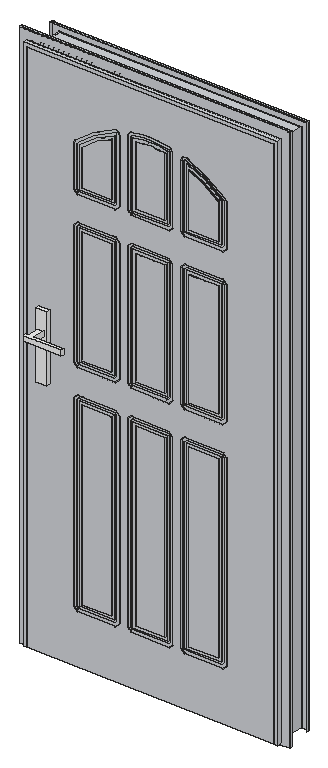
Revit family "GRANIT_3", category Drzwi, Revit 2016
Family settings
  Obiekt nadrzędny = Ściana
  Zawsze pionowo = Tak
  Tnij formami wycięć po wczytaniu = Nie
  Współdzielony = Nie
  Punkt obliczania pomieszczeń = Nie
Parameters (values of type "PN 90")
  URL = "www.porta.com.pl"
  SB = 964 mm
  Producent = "PORTA KMI POLAND"  # constant formula
  Keynote = ""
  Opis = "Własność Porta KMI Poland, wszelkie prawa zastrzeżone."  # constant formula
  Odwzorowanie ramy - zewnętrzne = 25 mm
  Odwzorowanie ramy - wewnętrzne = 25 mm
  Szerokość ramy = 75 mm
  Wysokość = 2056 mm
  Zakończenie ściany = Wg obiektu nadrzędnego
  Szerokość = 984 mm
  Materiał skrzydła [instance] = none
  Materiał ościeżnicy [instance] = none
  Materiał klamki [instance] = none
  Konstrukcja analityczna = "<Brak>"
  Informacja = ""
  Funkcja = Wewnętrzna
Types (8, lengths in mm): name | URL | SB | Wysokość | Szerokość | Informacja
  PN 80 | "www.porta.com.pl , www.portadoors.com , www.portacad.eu" | 856 | 2056 | 876 | ""
  PN 90 | "www.porta.com.pl" | 964 | 2056 | 984 | ""
  PN 100 | "www.porta.com.pl , www.portadoors.com , www.portacad.eu" | 1056 | 2056 | 1076 | "Biblioteki CAD produktów firmy PORTA KMI POLAND S.A. wraz z ich wizualizacjami są chronione prawami własności przemysłowej i intelektualnej. Można je wykorzystywać do handlowych celów osobistych poprzez zastosowanie w projektach, jednak nie wolno ich powielać, modyfikować, licencjonować ani publikować, w całości ani w części, chyba że celem przeglądania, bez uprzedniej pisemnej zgody PORTA KMI Poland sp.z.o.o. www.porta.com.pl "
  C'eska' a Slovenska' 80 | "www.porta.com.pl , www.portadoors.com , www.portacad.eu" | 860 | 2005 | 880 | "Biblioteki CAD produktów firmy PORTA KMI POLAND S.A. wraz z ich wizualizacjami są chronione prawami własności przemysłowej i intelektualnej. Można je wykorzystywać do handlowych celów osobistych poprzez zastosowanie w projektach, jednak nie wolno ich powielać, modyfikować, licencjonować ani publikować, w całości ani w części, chyba że celem przeglądania, bez uprzedniej pisemnej zgody PORTA KMI Poland sp.z.o.o. www.porta.com.pl "
  C'eska' a Slovenska' 90 | "www.porta.com.pl , www.portadoors.com , www.portacad.eu" | 960 | 2005 | 980 | "Biblioteki CAD produktów firmy PORTA KMI POLAND S.A. wraz z ich wizualizacjami są chronione prawami własności przemysłowej i intelektualnej. Można je wykorzystywać do handlowych celów osobistych poprzez zastosowanie w projektach, jednak nie wolno ich powielać, modyfikować, licencjonować ani publikować, w całości ani w części, chyba że celem przeglądania, bez uprzedniej pisemnej zgody PORTA KMI Poland sp.z.o.o. www.porta.com.pl "
  C'eska' a Slovenska' 100 | "www.porta.com.pl , www.portadoors.com , www.portacad.eu" | 1060 | 2005 | 1080 | "Biblioteki CAD produktów firmy PORTA KMI POLAND S.A. wraz z ich wizualizacjami są chronione prawami własności przemysłowej i intelektualnej. Można je wykorzystywać do handlowych celów osobistych poprzez zastosowanie w projektach, jednak nie wolno ich powielać, modyfikować, licencjonować ani publikować, w całości ani w części, chyba że celem przeglądania, bez uprzedniej pisemnej zgody PORTA KMI Poland sp.z.o.o. www.porta.com.pl "
  DIN 80 | "www.porta.com.pl , www.portadoors.com , www.portacad.eu" | 865 | 2005 | 885 | "Biblioteki CAD produktów firmy PORTA KMI POLAND S.A. wraz z ich wizualizacjami są chronione prawami własności przemysłowej i intelektualnej. Można je wykorzystywać do handlowych celów osobistych poprzez zastosowanie w projektach, jednak nie wolno ich powielać, modyfikować, licencjonować ani publikować, w całości ani w części, chyba że celem przeglądania, bez uprzedniej pisemnej zgody PORTA KMI Poland sp.z.o.o. www.porta.com.pl "
  DIN 90 | "www.porta.com.pl , www.portadoors.com , www.portacad.eu" | 990 | 2005 | 1010 | "Biblioteki CAD produktów firmy PORTA KMI POLAND S.A. wraz z ich wizualizacjami są chronione prawami własności przemysłowej i intelektualnej. Można je wykorzystywać do handlowych celów osobistych poprzez zastosowanie w projektach, jednak nie wolno ich powielać, modyfikować, licencjonować ani publikować, w całości ani w części, chyba że celem przeglądania, bez uprzedniej pisemnej zgody PORTA KMI Poland sp.z.o.o. www.porta.com.pl "
Reference planes
  plane 1: y = 0
  plane 2 "Środek (Lewa/Prawa)": x = 0
  plane 3 "Lewy": x = -492
  plane 4 "Prawy": x = 492
  plane 5: z = 2056
  plane 6 "Zewnętrzna": y = 75
  plane 7 "Wewnętrzna": y = -75
  plane 8: z = 184.239
  plane 9: y = -81.983
Forms (mm)
  Sweep 1, solid, material <- "Materiał ościeżnicy"
    path in 3D
      loop
        line (-492, -75, 0) -> (-492, -75, 2056) -> (492, -75, 2056) -> (492, -75, 0)
    profile origin (-492, -75, 1028) x (0, -1, 0) y (1, 0, 0)
      loop
        line (8.8, 22.5) -> (8.8, -12.5)
        arc (8.8, -12.5) -> (8.419, -13.419) -> (7.5, -13.8) r 1.3
        line (7.5, -13.8) -> (0, -13.8) -> (0, -15) -> (7.5, -15)
        arc (7.5, -15) -> (9.268, -14.268) -> (10, -12.5) r 2.5
        line (10, -12.5) -> (10, 22.5)
        arc (10, 22.5) -> (9.268, 24.268) -> (7.5, 25) r 2.5
        line (7.5, 25) -> (-33.505, 25)
        arc (-33.505, 25) -> (-34.212, 25.293) -> (-34.505, 26) r 1
        line (-34.505, 26) -> (-34.505, 34.5)
        arc (-34.505, 34.5) -> (-34.212, 35.207) -> (-33.505, 35.5) r 1
        line (-33.505, 35.5) -> (-26.255, 35.5)
        arc (-26.255, 35.5) -> (-24.005, 37.75) -> (-26.255, 40) r 2.25
        line (-26.255, 40) -> (-107.5, 40)
        arc (-107.5, 40) -> (-109.268, 39.268) -> (-110, 37.5) r 2.5
        line (-110, 37.5) -> (-110, 12.5)
        arc (-110, 12.5) -> (-109.268, 10.732) -> (-107.5, 10) r 2.5
        line (-107.5, 10) -> (-100, 10) -> (-100, 11.2) -> (-107.5, 11.2)
        arc (-107.5, 11.2) -> (-108.419, 11.581) -> (-108.8, 12.5) r 1.3
        line (-108.8, 12.5) -> (-108.8, 37.5)
        arc (-108.8, 37.5) -> (-108.419, 38.419) -> (-107.5, 38.8) r 1.3
        line (-107.5, 38.8) -> (-26.255, 38.8)
        arc (-26.255, 38.8) -> (-25.205, 37.75) -> (-26.255, 36.7) r 1.05
        line (-26.255, 36.7) -> (-33.505, 36.7)
        arc (-33.505, 36.7) -> (-35.06, 36.056) -> (-35.705, 34.5) r 2.2
        line (-35.705, 34.5) -> (-35.705, 26)
        arc (-35.705, 26) -> (-35.06, 24.444) -> (-33.505, 23.8) r 2.2
        line (-33.505, 23.8) -> (7.5, 23.8)
        arc (7.5, 23.8) -> (8.419, 23.419) -> (8.8, 22.5) r 1.3
      loop
        arc (-18.755, 35) -> (-20.219, 38.536) -> (-23.755, 40) r 5
        line (-23.755, 40) -> (-23.755, 34) -> (-31.755, 34) -> (-31.755, 26) -> (-18.755, 26) -> (-18.755, 35)
  Extrusion 2, solid, material <- "Materiał skrzydła"
    sketch origin (0, -75, 0) x (1, 0, 0) y (0, 0, 1)
      loop
        line (-463, 2023.457) -> (-463, 8.303) -> (463.032, 8.303) -> (463.032, 2023.457) -> (-463, 2023.457)
    from -17.017 to 30.983
  Sweep 3, solid, material <- "Materiał skrzydła"
    path in 3D
      loop
        line (463.032, -105.983, 8.303) -> (463.032, -105.983, 2023.457) -> (-463, -105.983, 2023.457) -> (-463, -105.983, 8.303)
    profile origin (-463, -105.983, 1015.88) x (-1, 0, 0) y (0, -1, 0)
      loop
        line (0, 0) -> (0, -18) -> (13, -18) -> (13, 0) -> (0, 0)
  Extrusion 4, void
    sketch origin (0, -75, 0) x (1, 0, 0) y (0, 0, 1)
      loop
        line (-287, 1609.255) -> (-272, 1594.255) -> (-130, 1594.255) -> (-115, 1609.255) -> (-115, 1848.077) -> (-121.239, 1861.456) -> (-131.371, 1865.144) -> (-212.939, 1827.108) -> (-281.705, 1777.147) -> (-287, 1765.792) -> (-287, 1609.255)
      loop
        line (-85.5, 1609.255) -> (-70.5, 1594.255) -> (70.5, 1594.255) -> (85.5, 1609.255) -> (85.5, 1862.207) -> (73.112, 1876.97) -> (31.035, 1882.884) -> (0, 1884.171) -> (-31.035, 1882.884) -> (-73.112, 1876.97) -> (-85.5, 1862.207) -> (-85.5, 1609.255)
      loop
        line (-130, 1504.255) -> (-272, 1504.255) -> (-287, 1489.255) -> (-287, 1029.255) -> (-272, 1014.255) -> (-130, 1014.255) -> (-115, 1029.255) -> (-115, 1489.255) -> (-130, 1504.255)
      loop
        line (-85.5, 1029.255) -> (-70.5, 1014.255) -> (70.5, 1014.255) -> (85.5, 1029.255) -> (85.5, 1489.255) -> (70.5, 1504.255) -> (-70.5, 1504.255) -> (-85.5, 1489.255) -> (-85.5, 1029.255)
      loop
        line (-130, 924.255) -> (-272, 924.255) -> (-287, 909.255) -> (-287, 209.255) -> (-272, 194.255) -> (-130, 194.255) -> (-115, 209.255) -> (-115, 909.255) -> (-130, 924.255)
      loop
        line (70.5, 924.255) -> (-70.5, 924.255) -> (-85.5, 909.255) -> (-85.5, 209.255) -> (-70.5, 194.255) -> (70.5, 194.255) -> (85.5, 209.255) -> (85.5, 909.255) -> (70.5, 924.255)
      loop
        line (-257, 1624.255) -> (-145, 1624.255) -> (-145, 1825.688) -> (-197.642, 1801.14) -> (-257, 1758.014) -> (-257, 1624.255)
      loop
        line (-55.5, 1624.255) -> (55.5, 1624.255) -> (55.5, 1849.151) -> (28.319, 1852.971) -> (0, 1854.145) -> (-28.319, 1852.971) -> (-55.5, 1849.151) -> (-55.5, 1624.255)
      loop
        line (-257, 1044.255) -> (-145, 1044.255) -> (-145, 1474.255) -> (-257, 1474.255) -> (-257, 1044.255)
      loop
        line (-55.5, 1044.255) -> (55.5, 1044.255) -> (55.5, 1474.255) -> (-55.5, 1474.255) -> (-55.5, 1044.255)
      loop
        line (55.5, 894.255) -> (-55.5, 894.255) -> (-55.5, 224.255) -> (55.5, 224.255) -> (55.5, 894.255)
      loop
        line (-145, 894.255) -> (-257, 894.255) -> (-257, 224.255) -> (-145, 224.255) -> (-145, 894.255)
      loop
        line (287, 1609.255) -> (287, 1765.792) -> (281.705, 1777.147) -> (212.939, 1827.108) -> (131.371, 1865.144) -> (121.239, 1861.456) -> (115, 1848.077) -> (115, 1609.255) -> (130, 1594.255) -> (272, 1594.255) -> (287, 1609.255)
      loop
        line (130, 1504.255) -> (115, 1489.255) -> (115, 1029.255) -> (130, 1014.255) -> (272, 1014.255) -> (287, 1029.255) -> (287, 1489.255) -> (272, 1504.255) -> (130, 1504.255)
      loop
        line (130, 924.255) -> (115, 909.255) -> (115, 209.255) -> (130, 194.255) -> (272, 194.255) -> (287, 209.255) -> (287, 909.255) -> (272, 924.255) -> (130, 924.255)
      loop
        line (257, 1624.255) -> (257, 1758.014) -> (197.642, 1801.14) -> (145, 1825.688) -> (145, 1624.255) -> (257, 1624.255)
      loop
        line (257, 1044.255) -> (257, 1474.255) -> (145, 1474.255) -> (145, 1044.255) -> (257, 1044.255)
      loop
        line (145, 894.255) -> (145, 224.255) -> (257, 224.255) -> (257, 894.255) -> (145, 894.255)
    from 28.398 to 30.983
  Extrusion 5, void
    sketch origin (0, -75, 0) x (1, 0, 0) y (0, 0, 1)
      loop
        line (-287, 1609.255) -> (-272, 1594.255) -> (-130, 1594.255) -> (-115, 1609.255) -> (-115, 1848.077) -> (-121.239, 1861.456) -> (-131.371, 1865.144) -> (-212.939, 1827.108) -> (-281.705, 1777.147) -> (-287, 1765.792) -> (-287, 1609.255)
      loop
        line (-85.5, 1609.255) -> (-70.5, 1594.255) -> (70.5, 1594.255) -> (85.5, 1609.255) -> (85.5, 1862.207) -> (73.112, 1876.97) -> (31.035, 1882.884) -> (0, 1884.171) -> (-31.035, 1882.884) -> (-73.112, 1876.97) -> (-85.5, 1862.207) -> (-85.5, 1609.255)
      loop
        line (-130, 1504.255) -> (-272, 1504.255) -> (-287, 1489.255) -> (-287, 1029.255) -> (-272, 1014.255) -> (-130, 1014.255) -> (-115, 1029.255) -> (-115, 1489.255) -> (-130, 1504.255)
      loop
        line (-85.5, 1029.255) -> (-70.5, 1014.255) -> (70.5, 1014.255) -> (85.5, 1029.255) -> (85.5, 1489.255) -> (70.5, 1504.255) -> (-70.5, 1504.255) -> (-85.5, 1489.255) -> (-85.5, 1029.255)
      loop
        line (-130, 924.255) -> (-272, 924.255) -> (-287, 909.255) -> (-287, 209.255) -> (-272, 194.255) -> (-130, 194.255) -> (-115, 209.255) -> (-115, 909.255) -> (-130, 924.255)
      loop
        line (70.5, 924.255) -> (-70.5, 924.255) -> (-85.5, 909.255) -> (-85.5, 209.255) -> (-70.5, 194.255) -> (70.5, 194.255) -> (85.5, 209.255) -> (85.5, 909.255) -> (70.5, 924.255)
      loop
        line (-257, 1624.255) -> (-145, 1624.255) -> (-145, 1825.688) -> (-197.642, 1801.14) -> (-257, 1758.014) -> (-257, 1624.255)
      loop
        line (-55.5, 1624.255) -> (55.5, 1624.255) -> (55.5, 1849.151) -> (28.319, 1852.971) -> (0, 1854.145) -> (-28.319, 1852.971) -> (-55.5, 1849.151) -> (-55.5, 1624.255)
      loop
        line (-257, 1044.255) -> (-145, 1044.255) -> (-145, 1474.255) -> (-257, 1474.255) -> (-257, 1044.255)
      loop
        line (-55.5, 1044.255) -> (55.5, 1044.255) -> (55.5, 1474.255) -> (-55.5, 1474.255) -> (-55.5, 1044.255)
      loop
        line (55.5, 894.255) -> (-55.5, 894.255) -> (-55.5, 224.255) -> (55.5, 224.255) -> (55.5, 894.255)
      loop
        line (-145, 894.255) -> (-257, 894.255) -> (-257, 224.255) -> (-145, 224.255) -> (-145, 894.255)
      loop
        line (287, 1609.255) -> (287, 1765.792) -> (281.705, 1777.147) -> (212.939, 1827.108) -> (131.371, 1865.144) -> (121.239, 1861.456) -> (115, 1848.077) -> (115, 1609.255) -> (130, 1594.255) -> (272, 1594.255) -> (287, 1609.255)
      loop
        line (130, 1504.255) -> (115, 1489.255) -> (115, 1029.255) -> (130, 1014.255) -> (272, 1014.255) -> (287, 1029.255) -> (287, 1489.255) -> (272, 1504.255) -> (130, 1504.255)
      loop
        line (130, 924.255) -> (115, 909.255) -> (115, 209.255) -> (130, 194.255) -> (272, 194.255) -> (287, 209.255) -> (287, 909.255) -> (272, 924.255) -> (130, 924.255)
      loop
        line (257, 1624.255) -> (257, 1758.014) -> (197.642, 1801.14) -> (145, 1825.688) -> (145, 1624.255) -> (257, 1624.255)
      loop
        line (257, 1044.255) -> (257, 1474.255) -> (145, 1474.255) -> (145, 1044.255) -> (257, 1044.255)
      loop
        line (145, 894.255) -> (145, 224.255) -> (257, 224.255) -> (257, 894.255) -> (145, 894.255)
    from -17.017 to -14.421
  Sweep 6, solid, material <- "Materiał skrzydła"
    path in 3D
      loop
        line (-287, -105.983, 1765.792) -> (-281.705, -105.983, 1777.147) -> (-212.939, -105.983, 1827.108) -> (-131.371, -105.983, 1865.144) -> (-121.239, -105.983, 1861.456) -> (-115, -105.983, 1848.077) -> (-115, -105.983, 1609.255) -> (-130, -105.983, 1594.255) -> (-272, -105.983, 1594.255) -> (-287, -105.983, 1609.255) -> (-287, -105.983, 1765.792)
    profile origin (-287, -105.983, 1687.524) x (0, -1, 0) y (1, 0, 0)
      loop
        line (-1.292, 0) -> (-1.292, 10) -> (-2.585, 10) -> (-2.585, 0) -> (-1.292, 0)
      loop
        line (-46.708, 0) -> (-45.415, 0) -> (-45.415, 10) -> (-46.708, 10) -> (-46.708, 0)
  Sweep 7, solid, material <- "Materiał skrzydła"
    path in 3D
      loop
        line (-257, -105.983, 1624.255) -> (-145, -105.983, 1624.255) -> (-145, -105.983, 1825.688) -> (-197.642, -105.983, 1801.14) -> (-257, -105.983, 1758.014) -> (-257, -105.983, 1624.255)
    profile origin (-257, -105.983, 1691.135) x (-1, 0, 0) y (0, -1, 0)
      loop
        line (0, -1.292) -> (0, -2.585) -> (10, -2.585) -> (10, -1.292) -> (0, -1.292)
      loop
        line (0, -46.708) -> (10, -46.708) -> (10, -45.415) -> (0, -45.415) -> (0, -46.708)
  Sweep 8, solid, material <- "Materiał skrzydła"
    path in 3D
      loop
        line (-85.5, -105.983, 1862.207) -> (-73.112, -105.983, 1876.97) -> (-31.035, -105.983, 1882.884) -> (0, -105.983, 1884.171) -> (31.035, -105.983, 1882.884) -> (73.112, -105.983, 1876.97) -> (85.5, -105.983, 1862.207) -> (85.5, -105.983, 1609.255) -> (70.5, -105.983, 1594.255) -> (-70.5, -105.983, 1594.255) -> (-85.5, -105.983, 1609.255) -> (-85.5, -105.983, 1862.207)
    profile origin (-85.5, -105.983, 1735.731) x (0, -1, 0) y (1, 0, 0)
      loop
        line (-1.292, 0) -> (-1.292, 10) -> (-2.585, 10) -> (-2.585, 0) -> (-1.292, 0)
      loop
        line (-46.708, 0) -> (-45.415, 0) -> (-45.415, 10) -> (-46.708, 10) -> (-46.708, 0)
  Sweep 9, solid, material <- "Materiał skrzydła"
    path in 3D
      loop
        line (-55.5, -105.983, 1624.255) -> (55.5, -105.983, 1624.255) -> (55.5, -105.983, 1849.151) -> (28.319, -105.983, 1852.971) -> (0, -105.983, 1854.145) -> (-28.319, -105.983, 1852.971) -> (-55.5, -105.983, 1849.151) -> (-55.5, -105.983, 1624.255)
    profile origin (-55.5, -105.983, 1736.703) x (-1, 0, 0) y (0, -1, 0)
      loop
        line (0, -1.292) -> (0, -2.585) -> (10, -2.585) -> (10, -1.292) -> (0, -1.292)
      loop
        line (0, -46.708) -> (10, -46.708) -> (10, -45.415) -> (0, -45.415) -> (0, -46.708)
  Sweep 10, solid, material <- "Materiał skrzydła"
    path in 3D
      loop
        line (115, -105.983, 1848.077) -> (121.239, -105.983, 1861.456) -> (131.371, -105.983, 1865.144) -> (212.939, -105.983, 1827.108) -> (281.705, -105.983, 1777.147) -> (287, -105.983, 1765.792) -> (287, -105.983, 1609.255) -> (272, -105.983, 1594.255) -> (130, -105.983, 1594.255) -> (115, -105.983, 1609.255) -> (115, -105.983, 1848.077)
    profile origin (115, -105.983, 1728.666) x (0, -1, 0) y (1, 0, 0)
      loop
        line (-1.292, 0) -> (-1.292, 10) -> (-2.585, 10) -> (-2.585, 0) -> (-1.292, 0)
      loop
        line (-46.708, 0) -> (-45.415, 0) -> (-45.415, 10) -> (-46.708, 10) -> (-46.708, 0)
  Sweep 11, solid, material <- "Materiał skrzydła"
    path in 3D
      loop
        line (145, -105.983, 1624.255) -> (257, -105.983, 1624.255) -> (257, -105.983, 1758.014) -> (197.642, -105.983, 1801.14) -> (145, -105.983, 1825.688) -> (145, -105.983, 1624.255)
    profile origin (145, -105.983, 1724.971) x (-1, 0, 0) y (0, -1, 0)
      loop
        line (0, -1.292) -> (0, -2.585) -> (10, -2.585) -> (10, -1.292) -> (0, -1.292)
      loop
        line (0, -46.708) -> (10, -46.708) -> (10, -45.415) -> (0, -45.415) -> (0, -46.708)
  Sweep 12, solid, material <- "Materiał skrzydła"
    path in 3D
      loop
        line (-287, -105.983, 1489.255) -> (-272, -105.983, 1504.255) -> (-130, -105.983, 1504.255) -> (-115, -105.983, 1489.255) -> (-115, -105.983, 1029.255) -> (-130, -105.983, 1014.255) -> (-272, -105.983, 1014.255) -> (-287, -105.983, 1029.255) -> (-287, -105.983, 1489.255)
    profile origin (-287, -105.983, 1259.255) x (0, -1, 0) y (1, 0, 0)
      loop
        line (-1.292, 0) -> (-1.292, 10) -> (-2.585, 10) -> (-2.585, 0) -> (-1.292, 0)
      loop
        line (-46.708, 0) -> (-45.415, 0) -> (-45.415, 10) -> (-46.708, 10) -> (-46.708, 0)
  Sweep 13, solid, material <- "Materiał skrzydła"
    path in 3D
      loop
        line (-257, -105.983, 1044.255) -> (-145, -105.983, 1044.255) -> (-145, -105.983, 1474.255) -> (-257, -105.983, 1474.255) -> (-257, -105.983, 1044.255)
    profile origin (-257, -105.983, 1259.255) x (-1, 0, 0) y (0, -1, 0)
      loop
        line (0, -1.292) -> (0, -2.585) -> (10, -2.585) -> (10, -1.292) -> (0, -1.292)
      loop
        line (0, -46.708) -> (10, -46.708) -> (10, -45.415) -> (0, -45.415) -> (0, -46.708)
  Sweep 14, solid, material <- "Materiał skrzydła"
    path in 3D
      loop
        line (-85.5, -105.983, 1489.255) -> (-70.5, -105.983, 1504.255) -> (70.5, -105.983, 1504.255) -> (85.5, -105.983, 1489.255) -> (85.5, -105.983, 1029.255) -> (70.5, -105.983, 1014.255) -> (-70.5, -105.983, 1014.255) -> (-85.5, -105.983, 1029.255) -> (-85.5, -105.983, 1489.255)
    profile origin (-85.5, -105.983, 1259.255) x (0, -1, 0) y (1, 0, 0)
      loop
        line (-1.292, 0) -> (-1.292, 10) -> (-2.585, 10) -> (-2.585, 0) -> (-1.292, 0)
      loop
        line (-46.708, 0) -> (-45.415, 0) -> (-45.415, 10) -> (-46.708, 10) -> (-46.708, 0)
  Sweep 15, solid, material <- "Materiał skrzydła"
    path in 3D
      loop
        line (-55.5, -105.983, 1044.255) -> (55.5, -105.983, 1044.255) -> (55.5, -105.983, 1474.255) -> (-55.5, -105.983, 1474.255) -> (-55.5, -105.983, 1044.255)
    profile origin (-55.5, -105.983, 1259.255) x (-1, 0, 0) y (0, -1, 0)
      loop
        line (0, -1.292) -> (0, -2.585) -> (10, -2.585) -> (10, -1.292) -> (0, -1.292)
      loop
        line (0, -46.708) -> (10, -46.708) -> (10, -45.415) -> (0, -45.415) -> (0, -46.708)
  Sweep 16, solid, material <- "Materiał skrzydła"
    path in 3D
      loop
        line (115, -105.983, 1489.255) -> (130, -105.983, 1504.255) -> (272, -105.983, 1504.255) -> (287, -105.983, 1489.255) -> (287, -105.983, 1029.255) -> (272, -105.983, 1014.255) -> (130, -105.983, 1014.255) -> (115, -105.983, 1029.255) -> (115, -105.983, 1489.255)
    profile origin (115, -105.983, 1259.255) x (0, -1, 0) y (1, 0, 0)
      loop
        line (-1.292, 0) -> (-1.292, 10) -> (-2.585, 10) -> (-2.585, 0) -> (-1.292, 0)
      loop
        line (-46.708, 0) -> (-45.415, 0) -> (-45.415, 10) -> (-46.708, 10) -> (-46.708, 0)
  Sweep 17, solid, material <- "Materiał skrzydła"
    path in 3D
      loop
        line (145, -105.983, 1044.255) -> (257, -105.983, 1044.255) -> (257, -105.983, 1474.255) -> (145, -105.983, 1474.255) -> (145, -105.983, 1044.255)
    profile origin (145, -105.983, 1259.255) x (-1, 0, 0) y (0, -1, 0)
      loop
        line (0, -1.292) -> (0, -2.585) -> (10, -2.585) -> (10, -1.292) -> (0, -1.292)
      loop
        line (0, -46.708) -> (10, -46.708) -> (10, -45.415) -> (0, -45.415) -> (0, -46.708)
  Sweep 18, solid, material <- "Materiał skrzydła"
    path in 3D
      loop
        line (-287, -105.983, 909.255) -> (-272, -105.983, 924.255) -> (-130, -105.983, 924.255) -> (-115, -105.983, 909.255) -> (-115, -105.983, 209.255) -> (-130, -105.983, 194.255) -> (-272, -105.983, 194.255) -> (-287, -105.983, 209.255) -> (-287, -105.983, 909.255)
    profile origin (-287, -105.983, 559.255) x (0, -1, 0) y (1, 0, 0)
      loop
        line (-1.292, 0) -> (-1.292, 10) -> (-2.585, 10) -> (-2.585, 0) -> (-1.292, 0)
      loop
        line (-46.708, 0) -> (-45.415, 0) -> (-45.415, 10) -> (-46.708, 10) -> (-46.708, 0)
  Sweep 19, solid, material <- "Materiał skrzydła"
    path in 3D
      loop
        line (-257, -105.983, 224.255) -> (-145, -105.983, 224.255) -> (-145, -105.983, 894.255) -> (-257, -105.983, 894.255) -> (-257, -105.983, 224.255)
    profile origin (-257, -105.983, 559.255) x (-1, 0, 0) y (0, -1, 0)
      loop
        line (0, -1.292) -> (0, -2.585) -> (10, -2.585) -> (10, -1.292) -> (0, -1.292)
      loop
        line (0, -46.708) -> (10, -46.708) -> (10, -45.415) -> (0, -45.415) -> (0, -46.708)
  Sweep 20, solid, material <- "Materiał skrzydła"
    path in 3D
      loop
        line (-85.5, -105.983, 909.255) -> (-70.5, -105.983, 924.255) -> (70.5, -105.983, 924.255) -> (85.5, -105.983, 909.255) -> (85.5, -105.983, 209.255) -> (70.5, -105.983, 194.255) -> (-70.5, -105.983, 194.255) -> (-85.5, -105.983, 209.255) -> (-85.5, -105.983, 909.255)
    profile origin (-85.5, -105.983, 559.255) x (0, -1, 0) y (1, 0, 0)
      loop
        line (-1.292, 0) -> (-1.292, 10) -> (-2.585, 10) -> (-2.585, 0) -> (-1.292, 0)
      loop
        line (-46.708, 0) -> (-45.415, 0) -> (-45.415, 10) -> (-46.708, 10) -> (-46.708, 0)
  Sweep 21, solid, material <- "Materiał skrzydła"
    path in 3D
      loop
        line (-55.5, -105.983, 224.255) -> (55.5, -105.983, 224.255) -> (55.5, -105.983, 894.255) -> (-55.5, -105.983, 894.255) -> (-55.5, -105.983, 224.255)
    profile origin (-55.5, -105.983, 559.255) x (-1, 0, 0) y (0, -1, 0)
      loop
        line (0, -1.292) -> (0, -2.585) -> (10, -2.585) -> (10, -1.292) -> (0, -1.292)
      loop
        line (0, -46.708) -> (10, -46.708) -> (10, -45.415) -> (0, -45.415) -> (0, -46.708)
  Sweep 22, solid, material <- "Materiał skrzydła"
    path in 3D
      loop
        line (115, -105.983, 909.255) -> (130, -105.983, 924.255) -> (272, -105.983, 924.255) -> (287, -105.983, 909.255) -> (287, -105.983, 209.255) -> (272, -105.983, 194.255) -> (130, -105.983, 194.255) -> (115, -105.983, 209.255) -> (115, -105.983, 909.255)
    profile origin (115, -105.983, 559.255) x (0, -1, 0) y (1, 0, 0)
      loop
        line (-1.292, 0) -> (-1.292, 10) -> (-2.585, 10) -> (-2.585, 0) -> (-1.292, 0)
      loop
        line (-46.708, 0) -> (-45.415, 0) -> (-45.415, 10) -> (-46.708, 10) -> (-46.708, 0)
  Sweep 23, solid, material <- "Materiał skrzydła"
    path in 3D
      loop
        line (145, -105.983, 224.255) -> (257, -105.983, 224.255) -> (257, -105.983, 894.255) -> (145, -105.983, 894.255) -> (145, -105.983, 224.255)
    profile origin (145, -105.983, 559.255) x (-1, 0, 0) y (0, -1, 0)
      loop
        line (0, -1.292) -> (0, -2.585) -> (10, -2.585) -> (10, -1.292) -> (0, -1.292)
      loop
        line (0, -46.708) -> (10, -46.708) -> (10, -45.415) -> (0, -45.415) -> (0, -46.708)
Cuts and joins
  Extrusion 4 cuts Sweep 1
  Extrusion 4, Extrusion 5 cuts Extrusion 2
  Extrusion 5 cuts Sweep 3
Lines and regions (mm)
  Opening 1
    outline origin (-3050, -75, 0) x (1, 0, 0) y (0, 0, 1)
      loop
        line (2558, 0) -> (3542, 0) -> (3542, 2056) -> (2558, 2056) -> (2558, 0)
  model lines, style "s-główna"
    curve 1: line (-525, 75, 0) -> (-520, 75, 0)
    curve 2: line (-522, -75, 0) -> (-527, -75, 0)
  symbolic lines
    curve 3: line (492, -75, 0) -> (492, -1059.257, 0)
    curve 4: line (492, -1059.257, 0) -> (444, -1059.257, 0)
    curve 5: line (444, -1059.257, 0) -> (444, -75, 0)
    curve 6: line (444, -75, 0) -> (492, -75, 0)
    curve 7: arc (-492, -75, 0) -> (-220.562, -753.61, 0) -> (444, -1057.829, 0) r 984
  sketch lines
    curve 8: line (-492, -75, 0) -> (-492, -75, 2056)
    curve 9: line (-492, -75, 2056) -> (492, -75, 2056)
    curve 10: line (492, -75, 2056) -> (492, -75, 0)
    curve 11: line (-463, -105.983, 2023.457) -> (-463, -105.983, 8.303)
    curve 12: line (463.032, -105.983, 2023.457) -> (-463, -105.983, 2023.457)
    curve 13: line (463.032, -105.983, 8.303) -> (463.032, -105.983, 2023.457)
    curve 14: line (-287, -105.983, 1609.255) -> (-287, -105.983, 1765.792)
    curve 15: line (-287, -105.983, 1765.792) -> (-281.705, -105.983, 1777.147)
    curve 16: line (-281.705, -105.983, 1777.147) -> (-212.939, -105.983, 1827.108)
    curve 17: line (-212.939, -105.983, 1827.108) -> (-131.371, -105.983, 1865.144)
    curve 18: line (-131.371, -105.983, 1865.144) -> (-121.239, -105.983, 1861.456)
    curve 19: line (-121.239, -105.983, 1861.456) -> (-115, -105.983, 1848.077)
    curve 20: line (-115, -105.983, 1848.077) -> (-115, -105.983, 1609.255)
    curve 21: line (-115, -105.983, 1609.255) -> (-130, -105.983, 1594.255)
    curve 22: line (-130, -105.983, 1594.255) -> (-272, -105.983, 1594.255)
    curve 23: line (-272, -105.983, 1594.255) -> (-287, -105.983, 1609.255)
    curve 24: line (-257, -105.983, 1758.014) -> (-257, -105.983, 1624.255)
    curve 25: line (-197.642, -105.983, 1801.14) -> (-257, -105.983, 1758.014)
    curve 26: line (-145, -105.983, 1825.688) -> (-197.642, -105.983, 1801.14)
    curve 27: line (-145, -105.983, 1624.255) -> (-145, -105.983, 1825.688)
    curve 28: line (-257, -105.983, 1624.255) -> (-145, -105.983, 1624.255)
    curve 29: line (-85.5, -105.983, 1609.255) -> (-85.5, -105.983, 1862.207)
    curve 30: line (-85.5, -105.983, 1862.207) -> (-73.112, -105.983, 1876.97)
    curve 31: line (-73.112, -105.983, 1876.97) -> (-31.035, -105.983, 1882.884)
    curve 32: line (-31.035, -105.983, 1882.884) -> (0, -105.983, 1884.171)
    curve 33: line (0, -105.983, 1884.171) -> (31.035, -105.983, 1882.884)
    curve 34: line (31.035, -105.983, 1882.884) -> (73.112, -105.983, 1876.97)
    curve 35: line (73.112, -105.983, 1876.97) -> (85.5, -105.983, 1862.207)
    curve 36: line (85.5, -105.983, 1862.207) -> (85.5, -105.983, 1609.255)
    curve 37: line (85.5, -105.983, 1609.255) -> (70.5, -105.983, 1594.255)
    curve 38: line (70.5, -105.983, 1594.255) -> (-70.5, -105.983, 1594.255)
    curve 39: line (-70.5, -105.983, 1594.255) -> (-85.5, -105.983, 1609.255)
    curve 40: line (-55.5, -105.983, 1849.151) -> (-55.5, -105.983, 1624.255)
    curve 41: line (-28.319, -105.983, 1852.971) -> (-55.5, -105.983, 1849.151)
    curve 42: line (0, -105.983, 1854.145) -> (-28.319, -105.983, 1852.971)
    curve 43: line (28.319, -105.983, 1852.971) -> (0, -105.983, 1854.145)
    curve 44: line (55.5, -105.983, 1849.151) -> (28.319, -105.983, 1852.971)
    curve 45: line (55.5, -105.983, 1624.255) -> (55.5, -105.983, 1849.151)
    curve 46: line (-55.5, -105.983, 1624.255) -> (55.5, -105.983, 1624.255)
    curve 47: line (115, -105.983, 1609.255) -> (115, -105.983, 1848.077)
    curve 48: line (115, -105.983, 1848.077) -> (121.239, -105.983, 1861.456)
    curve 49: line (121.239, -105.983, 1861.456) -> (131.371, -105.983, 1865.144)
    curve 50: line (131.371, -105.983, 1865.144) -> (212.939, -105.983, 1827.108)
    curve 51: line (212.939, -105.983, 1827.108) -> (281.705, -105.983, 1777.147)
    curve 52: line (281.705, -105.983, 1777.147) -> (287, -105.983, 1765.792)
    curve 53: line (287, -105.983, 1765.792) -> (287, -105.983, 1609.255)
    curve 54: line (287, -105.983, 1609.255) -> (272, -105.983, 1594.255)
    curve 55: line (272, -105.983, 1594.255) -> (130, -105.983, 1594.255)
    curve 56: line (130, -105.983, 1594.255) -> (115, -105.983, 1609.255)
    curve 57: line (145, -105.983, 1825.688) -> (145, -105.983, 1624.255)
    curve 58: line (197.642, -105.983, 1801.14) -> (145, -105.983, 1825.688)
    curve 59: line (257, -105.983, 1758.014) -> (197.642, -105.983, 1801.14)
    curve 60: line (257, -105.983, 1624.255) -> (257, -105.983, 1758.014)
    curve 61: line (145, -105.983, 1624.255) -> (257, -105.983, 1624.255)
    curve 62: line (-287, -105.983, 1029.255) -> (-287, -105.983, 1489.255)
    curve 63: line (-287, -105.983, 1489.255) -> (-272, -105.983, 1504.255)
    curve 64: line (-272, -105.983, 1504.255) -> (-130, -105.983, 1504.255)
    curve 65: line (-115, -105.983, 1489.255) -> (-115, -105.983, 1029.255)
    curve 66: line (-130, -105.983, 1504.255) -> (-115, -105.983, 1489.255)
    curve 67: line (-115, -105.983, 1029.255) -> (-130, -105.983, 1014.255)
    curve 68: line (-130, -105.983, 1014.255) -> (-272, -105.983, 1014.255)
    curve 69: line (-272, -105.983, 1014.255) -> (-287, -105.983, 1029.255)
    curve 70: line (-257, -105.983, 1474.255) -> (-257, -105.983, 1044.255)
    curve 71: line (-145, -105.983, 1474.255) -> (-257, -105.983, 1474.255)
    curve 72: line (-145, -105.983, 1044.255) -> (-145, -105.983, 1474.255)
    curve 73: line (-257, -105.983, 1044.255) -> (-145, -105.983, 1044.255)
    curve 74: line (-85.5, -105.983, 1029.255) -> (-85.5, -105.983, 1489.255)
    curve 75: line (-85.5, -105.983, 1489.255) -> (-70.5, -105.983, 1504.255)
    curve 76: line (-70.5, -105.983, 1504.255) -> (70.5, -105.983, 1504.255)
    curve 77: line (70.5, -105.983, 1504.255) -> (85.5, -105.983, 1489.255)
    curve 78: line (85.5, -105.983, 1489.255) -> (85.5, -105.983, 1029.255)
    curve 79: line (85.5, -105.983, 1029.255) -> (70.5, -105.983, 1014.255)
    curve 80: line (70.5, -105.983, 1014.255) -> (-70.5, -105.983, 1014.255)
    curve 81: line (-70.5, -105.983, 1014.255) -> (-85.5, -105.983, 1029.255)
    curve 82: line (-55.5, -105.983, 1474.255) -> (-55.5, -105.983, 1044.255)
    curve 83: line (55.5, -105.983, 1474.255) -> (-55.5, -105.983, 1474.255)
    curve 84: line (55.5, -105.983, 1044.255) -> (55.5, -105.983, 1474.255)
    curve 85: line (-55.5, -105.983, 1044.255) -> (55.5, -105.983, 1044.255)
    curve 86: line (115, -105.983, 1029.255) -> (115, -105.983, 1489.255)
    curve 87: line (130, -105.983, 1504.255) -> (272, -105.983, 1504.255)
    curve 88: line (115, -105.983, 1489.255) -> (130, -105.983, 1504.255)
    curve 89: line (272, -105.983, 1504.255) -> (287, -105.983, 1489.255)
    curve 90: line (287, -105.983, 1489.255) -> (287, -105.983, 1029.255)
    curve 91: line (287, -105.983, 1029.255) -> (272, -105.983, 1014.255)
    curve 92: line (272, -105.983, 1014.255) -> (130, -105.983, 1014.255)
    curve 93: line (130, -105.983, 1014.255) -> (115, -105.983, 1029.255)
    curve 94: line (145, -105.983, 1474.255) -> (145, -105.983, 1044.255)
    curve 95: line (257, -105.983, 1474.255) -> (145, -105.983, 1474.255)
    curve 96: line (257, -105.983, 1044.255) -> (257, -105.983, 1474.255)
    curve 97: line (145, -105.983, 1044.255) -> (257, -105.983, 1044.255)
    curve 98: line (-287, -105.983, 209.255) -> (-287, -105.983, 909.255)
    curve 99: line (-287, -105.983, 909.255) -> (-272, -105.983, 924.255)
    curve 100: line (-272, -105.983, 924.255) -> (-130, -105.983, 924.255)
    curve 101: line (-130, -105.983, 924.255) -> (-115, -105.983, 909.255)
    curve 102: line (-115, -105.983, 909.255) -> (-115, -105.983, 209.255)
    curve 103: line (-115, -105.983, 209.255) -> (-130, -105.983, 194.255)
    curve 104: line (-130, -105.983, 194.255) -> (-272, -105.983, 194.255)
    curve 105: line (-272, -105.983, 194.255) -> (-287, -105.983, 209.255)
    curve 106: line (-257, -105.983, 894.255) -> (-257, -105.983, 224.255)
    curve 107: line (-145, -105.983, 894.255) -> (-257, -105.983, 894.255)
    curve 108: line (-145, -105.983, 224.255) -> (-145, -105.983, 894.255)
    curve 109: line (-257, -105.983, 224.255) -> (-145, -105.983, 224.255)
    curve 110: line (-85.5, -105.983, 209.255) -> (-85.5, -105.983, 909.255)
    curve 111: line (-85.5, -105.983, 909.255) -> (-70.5, -105.983, 924.255)
    curve 112: line (-70.5, -105.983, 924.255) -> (70.5, -105.983, 924.255)
    curve 113: line (70.5, -105.983, 924.255) -> (85.5, -105.983, 909.255)
    curve 114: line (85.5, -105.983, 909.255) -> (85.5, -105.983, 209.255)
    curve 115: line (85.5, -105.983, 209.255) -> (70.5, -105.983, 194.255)
    curve 116: line (70.5, -105.983, 194.255) -> (-70.5, -105.983, 194.255)
    curve 117: line (-70.5, -105.983, 194.255) -> (-85.5, -105.983, 209.255)
    curve 118: line (-55.5, -105.983, 894.255) -> (-55.5, -105.983, 224.255)
    curve 119: line (55.5, -105.983, 894.255) -> (-55.5, -105.983, 894.255)
    curve 120: line (55.5, -105.983, 224.255) -> (55.5, -105.983, 894.255)
    curve 121: line (-55.5, -105.983, 224.255) -> (55.5, -105.983, 224.255)
    curve 122: line (115, -105.983, 209.255) -> (115, -105.983, 909.255)
    curve 123: line (115, -105.983, 909.255) -> (130, -105.983, 924.255)
    curve 124: line (130, -105.983, 924.255) -> (272, -105.983, 924.255)
    curve 125: line (272, -105.983, 924.255) -> (287, -105.983, 909.255)
    curve 126: line (287, -105.983, 909.255) -> (287, -105.983, 209.255)
    curve 127: line (287, -105.983, 209.255) -> (272, -105.983, 194.255)
    curve 128: line (272, -105.983, 194.255) -> (130, -105.983, 194.255)
    curve 129: line (130, -105.983, 194.255) -> (115, -105.983, 209.255)
    curve 130: line (145, -105.983, 894.255) -> (145, -105.983, 224.255)
    curve 131: line (257, -105.983, 894.255) -> (145, -105.983, 894.255)
    curve 132: line (257, -105.983, 224.255) -> (257, -105.983, 894.255)
    curve 133: line (145, -105.983, 224.255) -> (257, -105.983, 224.255)
Text (mm)
  text "Zewnętrzna" at (-2295.016, 1099.543, 0), in view "Poziom odniesienia"
  text "Zewnętrzna" at (0, 1615.38, 3698.081), in view "Lewy"
  text "Zewnętrzna" at (0, 1036.032, 3874.932), in view "Prawy"
Dimensions and locks
  equal spacing: plane 3 "Lewy", plane 2 "Środek (Lewa/Prawa)", plane 4 "Prawy"
  "Szerokość": plane 3 "Lewy" to plane 4 "Prawy"
  "Wysokość": plane 5 to host wall
  host wall to plane 5 = 2056 mm  (x2)
  locked: plane 6 "Zewnętrzna" to host wall at 0
  locked: plane 7 "Wewnętrzna" to host wall
  locked: curve 5 to curve 3 at 48
  "SB": Sweep 1 to Sweep 1
  locked: Extrusion 2 to Extrusion 2 at 48
  locked: Sweep 1 to Extrusion 2 at 4
  locked: Extrusion 2 to plane 7 "Wewnętrzna" at 17.017
  locked: Extrusion 2 to Sweep 1 at 3.968
  locked: level to Extrusion 2 at 8.303
  locked: Extrusion 2 to Sweep 1 at 7.543
  locked: Extrusion 2 to nested 3 at 65
  locked: Extrusion 2 to nested 2 at 65
  locked: nested 2 to Extrusion 2 at 1094
  locked: Extrusion 2 to nested 3 at 1094
  locked: plane 9 to plane 7 "Wewnętrzna" at 6.983
  aligned and locked: plane 3 "Lewy" to Opening 1 sketch curve
  aligned and locked: plane 5 to Opening 1 sketch curve  (x2)
  aligned and locked: Opening 1 sketch curve to plane 4 "Prawy"
  aligned and locked: Opening 1 sketch curve to level
  aligned and locked: plane 1 to host wall
Automatic sketch dimensions
  curve 2 to host wall = 0 mm
  curve 1 to host wall = 0 mm
  curve 7 to host wall = 0 mm
  curve 7 to plane 3 "Lewy" = 0 mm
  curve 6 to host wall = 0 mm
  curve 6 to plane 4 "Prawy" = 0 mm
  curve 7 to plane 4 "Prawy" = 0 mm
  plane 3 "Lewy" to curve 1 = 28 mm
  plane 3 "Lewy" to curve 2 = 30 mm
  curve 1 to curve 1 = 5 mm
  curve 2 to curve 2 = 5 mm
  curve 4 to curve 7 = 1.429 mm
  Sweep 1 sketch curve to Sweep 1 sketch curve = 0 mm  (x15)
  Sweep 1 sketch curve to profile plane = 0 mm
  profile plane to Sweep 1 sketch curve = 18.755 mm
  Sweep 1 sketch curve to Sweep 1 sketch curve = 5 mm
  Sweep 1 sketch curve to Sweep 1 sketch curve = 2.5 mm
  Sweep 1 sketch curve to Sweep 1 sketch curve = 5.5 mm
  Sweep 1 sketch curve to Sweep 1 sketch curve = 1.75 mm  (x2)
  Sweep 1 sketch curve to Sweep 1 sketch curve = 1 mm  (x2)
  Sweep 1 sketch curve to Sweep 1 sketch curve = 1.2 mm
  profile plane to Sweep 1 sketch curve = 10 mm
  Sweep 1 sketch curve to Sweep 1 sketch curve = 64.295 mm
  Sweep 1 sketch curve to Sweep 1 sketch curve = 7.5 mm  (x2)
  Sweep 1 sketch curve to Sweep 1 sketch curve = 1.3 mm  (x2)
  Sweep 1 sketch curve to profile plane = 7.5 mm  (x2)
  Sweep 1 sketch curve to profile plane = 12.5 mm
  profile plane to Sweep 1 sketch curve = 22.5 mm
  Sweep 1 sketch curve to Sweep 1 sketch curve = 8 mm
  Sweep 1 sketch curve to Sweep 1 sketch curve = 0.5 mm
  Sweep 1 sketch curve to Sweep 1 sketch curve = 25 mm
  level to Extrusion 2 sketch curve = 8.303 mm
  Extrusion 2 sketch curve to plane 3 "Lewy" = 29 mm
  plane 4 "Prawy" to Extrusion 2 sketch curve = 28.968 mm
  plane 5 to Extrusion 2 sketch curve = 32.543 mm
  Sweep 3 sketch curve to profile plane = 0 mm  (x2)
  profile plane to Sweep 3 sketch curve = 13 mm
  Sweep 3 sketch curve to Sweep 3 sketch curve = 18 mm
  Extrusion 4 sketch curve to plane 2 "Środek (Lewa/Prawa)" = 0 mm  (x2)
  Extrusion 4 sketch curve to plane 2 "Środek (Lewa/Prawa)" = 28.319 mm
  Extrusion 4 sketch curve to Extrusion 4 sketch curve = 2.716 mm  (x2)
  Extrusion 4 sketch curve to plane 2 "Środek (Lewa/Prawa)" = 55.5 mm  (x2)
  Extrusion 4 sketch curve to Extrusion 4 sketch curve = 27.181 mm
  Extrusion 4 sketch curve to Extrusion 4 sketch curve = 15 mm  (x78)
  plane 8 to Extrusion 4 sketch curve = 10.016 mm  (x3)
  Extrusion 4 sketch curve to Extrusion 4 sketch curve = 17.612 mm  (x2)
  plane 8 to Extrusion 4 sketch curve = 25.016 mm
  Extrusion 4 sketch curve to Extrusion 4 sketch curve = 29.5 mm  (x6)
  Extrusion 4 sketch curve to Extrusion 4 sketch curve = 6.239 mm  (x2)
  Extrusion 4 sketch curve to Extrusion 4 sketch curve = 10.132 mm  (x2)
  Extrusion 4 sketch curve to Extrusion 4 sketch curve = 30 mm  (x8)
  Extrusion 4 sketch curve to Extrusion 4 sketch curve = 52.642 mm  (x2)
  Extrusion 4 sketch curve to Extrusion 4 sketch curve = 15.297 mm  (x2)
  Extrusion 4 sketch curve to Extrusion 4 sketch curve = 112 mm  (x6)
  plane 8 to Extrusion 4 sketch curve = 40.016 mm  (x2)
  Extrusion 4 sketch curve to Extrusion 4 sketch curve = 24.705 mm  (x2)
  plane 2 "Środek (Lewa/Prawa)" to Extrusion 4 sketch curve = 28.319 mm
  plane 2 "Środek (Lewa/Prawa)" to Extrusion 4 sketch curve = 55.5 mm  (x3)
  Extrusion 4 sketch curve to Extrusion 4 sketch curve = 670 mm
  Extrusion 4 sketch curve to Extrusion 4 sketch curve = 0 mm  (x11)
  Extrusion 4 sketch curve to Extrusion 4 sketch curve = 90 mm  (x4)
  Extrusion 4 sketch curve to Extrusion 4 sketch curve = 430 mm
  Extrusion 4 sketch curve to Extrusion 4 sketch curve = 133.759 mm  (x2)
  Extrusion 4 sketch curve to Extrusion 4 sketch curve = 7.778 mm  (x2)
  Extrusion 4 sketch curve to Extrusion 4 sketch curve = 11.355 mm  (x2)
  Extrusion 4 sketch curve to Extrusion 4 sketch curve = 43.126 mm  (x2)
  Extrusion 4 sketch curve to Extrusion 4 sketch curve = 24.547 mm  (x2)
  Extrusion 4 sketch curve to Extrusion 4 sketch curve = 25.968 mm  (x2)
  Extrusion 4 sketch curve to Extrusion 4 sketch curve = 22.39 mm  (x2)
  Extrusion 4 sketch curve to Extrusion 4 sketch curve = 1.074 mm  (x2)
  Extrusion 4 sketch curve to Extrusion 4 sketch curve = 3.82 mm  (x2)
  Extrusion 4 sketch curve to Extrusion 4 sketch curve = 1.175 mm
  Extrusion 4 sketch curve to Extrusion 4 sketch curve = 13.379 mm  (x2)
  Extrusion 4 sketch curve to Extrusion 4 sketch curve = 14.13 mm  (x2)
  Extrusion 4 sketch curve to Extrusion 4 sketch curve = 3.688 mm  (x2)
  Extrusion 4 sketch curve to Extrusion 4 sketch curve = 14.764 mm  (x2)
  Extrusion 4 sketch curve to Extrusion 4 sketch curve = 29.913 mm  (x2)
  Extrusion 4 sketch curve to Extrusion 4 sketch curve = 30.026 mm
  Extrusion 5 sketch curve to plane 2 "Środek (Lewa/Prawa)" = 0 mm  (x2)
  Extrusion 5 sketch curve to plane 2 "Środek (Lewa/Prawa)" = 28.319 mm
  Extrusion 5 sketch curve to Extrusion 5 sketch curve = 2.716 mm  (x2)
  Extrusion 5 sketch curve to plane 2 "Środek (Lewa/Prawa)" = 55.5 mm  (x2)
  Extrusion 5 sketch curve to Extrusion 5 sketch curve = 27.181 mm
  Extrusion 5 sketch curve to Extrusion 5 sketch curve = 15 mm  (x78)
  plane 8 to Extrusion 5 sketch curve = 10.016 mm  (x3)
  Extrusion 5 sketch curve to Extrusion 5 sketch curve = 17.612 mm  (x2)
  plane 8 to Extrusion 5 sketch curve = 25.016 mm
  Extrusion 5 sketch curve to Extrusion 5 sketch curve = 29.5 mm  (x6)
  Extrusion 5 sketch curve to Extrusion 5 sketch curve = 6.239 mm  (x2)
  Extrusion 5 sketch curve to Extrusion 5 sketch curve = 10.132 mm  (x2)
  Extrusion 5 sketch curve to Extrusion 5 sketch curve = 30 mm  (x8)
  Extrusion 5 sketch curve to Extrusion 5 sketch curve = 52.642 mm  (x2)
  Extrusion 5 sketch curve to Extrusion 5 sketch curve = 15.297 mm  (x2)
  Extrusion 5 sketch curve to Extrusion 5 sketch curve = 112 mm  (x6)
  plane 8 to Extrusion 5 sketch curve = 40.016 mm  (x2)
  Extrusion 5 sketch curve to Extrusion 5 sketch curve = 24.705 mm  (x2)
  plane 2 "Środek (Lewa/Prawa)" to Extrusion 5 sketch curve = 28.319 mm
  plane 2 "Środek (Lewa/Prawa)" to Extrusion 5 sketch curve = 55.5 mm  (x3)
  Extrusion 5 sketch curve to Extrusion 5 sketch curve = 670 mm
  Extrusion 5 sketch curve to Extrusion 5 sketch curve = 0 mm  (x11)
  Extrusion 5 sketch curve to Extrusion 5 sketch curve = 90 mm  (x4)
  Extrusion 5 sketch curve to Extrusion 5 sketch curve = 430 mm
  Extrusion 5 sketch curve to Extrusion 5 sketch curve = 133.759 mm  (x2)
  Extrusion 5 sketch curve to Extrusion 5 sketch curve = 7.778 mm  (x2)
  Extrusion 5 sketch curve to Extrusion 5 sketch curve = 11.355 mm  (x2)
  Extrusion 5 sketch curve to Extrusion 5 sketch curve = 43.126 mm  (x2)
  Extrusion 5 sketch curve to Extrusion 5 sketch curve = 24.547 mm  (x2)
  Extrusion 5 sketch curve to Extrusion 5 sketch curve = 25.968 mm  (x2)
  Extrusion 5 sketch curve to Extrusion 5 sketch curve = 22.39 mm  (x2)
  Extrusion 5 sketch curve to Extrusion 5 sketch curve = 1.074 mm  (x2)
  Extrusion 5 sketch curve to Extrusion 5 sketch curve = 3.82 mm  (x2)
  Extrusion 5 sketch curve to Extrusion 5 sketch curve = 1.175 mm
  Extrusion 5 sketch curve to Extrusion 5 sketch curve = 13.379 mm  (x2)
  Extrusion 5 sketch curve to Extrusion 5 sketch curve = 14.13 mm  (x2)
  Extrusion 5 sketch curve to Extrusion 5 sketch curve = 3.688 mm  (x2)
  Extrusion 5 sketch curve to Extrusion 5 sketch curve = 14.764 mm  (x2)
  Extrusion 5 sketch curve to Extrusion 5 sketch curve = 29.913 mm  (x2)
  Extrusion 5 sketch curve to Extrusion 5 sketch curve = 30.026 mm
  Sweep 6 sketch curve to profile plane = 0 mm  (x2)
  profile plane to Sweep 6 sketch curve = 46.708 mm
  Sweep 6 sketch curve to Sweep 6 sketch curve = 1.292 mm
  profile plane to Sweep 6 sketch curve = 2.585 mm
  profile plane to Sweep 6 sketch curve = 1.292 mm
  profile plane to Sweep 6 sketch curve = 10 mm  (x2)
  Sweep 7 sketch curve to profile plane = 0 mm  (x2)
  profile plane to Sweep 7 sketch curve = 2.585 mm
  profile plane to Sweep 7 sketch curve = 10 mm  (x2)
  Sweep 7 sketch curve to Sweep 7 sketch curve = 42.831 mm
  Sweep 7 sketch curve to Sweep 7 sketch curve = 1.292 mm
  profile plane to Sweep 7 sketch curve = 1.292 mm
  Sweep 8 sketch curve to profile plane = 0 mm  (x2)
  profile plane to Sweep 8 sketch curve = 46.708 mm
  Sweep 8 sketch curve to Sweep 8 sketch curve = 1.292 mm
  profile plane to Sweep 8 sketch curve = 2.585 mm
  profile plane to Sweep 8 sketch curve = 1.292 mm
  profile plane to Sweep 8 sketch curve = 10 mm  (x2)
  Sweep 9 sketch curve to profile plane = 0 mm  (x2)
  profile plane to Sweep 9 sketch curve = 2.585 mm
  profile plane to Sweep 9 sketch curve = 10 mm  (x2)
  Sweep 9 sketch curve to Sweep 9 sketch curve = 42.831 mm
  Sweep 9 sketch curve to Sweep 9 sketch curve = 1.292 mm
  profile plane to Sweep 9 sketch curve = 1.292 mm
  Sweep 10 sketch curve to profile plane = 0 mm  (x2)
  profile plane to Sweep 10 sketch curve = 46.708 mm
  Sweep 10 sketch curve to Sweep 10 sketch curve = 1.292 mm
  profile plane to Sweep 10 sketch curve = 2.585 mm
  profile plane to Sweep 10 sketch curve = 1.292 mm
  profile plane to Sweep 10 sketch curve = 10 mm  (x2)
  Sweep 11 sketch curve to profile plane = 0 mm  (x2)
  profile plane to Sweep 11 sketch curve = 2.585 mm
  profile plane to Sweep 11 sketch curve = 10 mm
  Sweep 11 sketch curve to Sweep 11 sketch curve = 10 mm
  Sweep 11 sketch curve to Sweep 11 sketch curve = 42.831 mm
  Sweep 11 sketch curve to Sweep 11 sketch curve = 1.292 mm
  profile plane to Sweep 11 sketch curve = 1.292 mm
  Sweep 12 sketch curve to profile plane = 0 mm  (x2)
  profile plane to Sweep 12 sketch curve = 46.708 mm
  Sweep 12 sketch curve to Sweep 12 sketch curve = 1.292 mm
  profile plane to Sweep 12 sketch curve = 2.585 mm
  profile plane to Sweep 12 sketch curve = 1.292 mm
  profile plane to Sweep 12 sketch curve = 10 mm  (x2)
  Sweep 13 sketch curve to profile plane = 0 mm  (x2)
  profile plane to Sweep 13 sketch curve = 2.585 mm
  profile plane to Sweep 13 sketch curve = 10 mm  (x2)
  Sweep 13 sketch curve to Sweep 13 sketch curve = 42.831 mm
  Sweep 13 sketch curve to Sweep 13 sketch curve = 1.292 mm
  profile plane to Sweep 13 sketch curve = 1.292 mm
  Sweep 14 sketch curve to profile plane = 0 mm  (x2)
  profile plane to Sweep 14 sketch curve = 46.708 mm
  Sweep 14 sketch curve to Sweep 14 sketch curve = 1.292 mm
  profile plane to Sweep 14 sketch curve = 2.585 mm
  profile plane to Sweep 14 sketch curve = 1.292 mm
  profile plane to Sweep 14 sketch curve = 10 mm  (x2)
  Sweep 15 sketch curve to profile plane = 0 mm  (x2)
  profile plane to Sweep 15 sketch curve = 2.585 mm
  profile plane to Sweep 15 sketch curve = 10 mm  (x2)
  Sweep 15 sketch curve to Sweep 15 sketch curve = 42.831 mm
  Sweep 15 sketch curve to Sweep 15 sketch curve = 1.292 mm
  profile plane to Sweep 15 sketch curve = 1.292 mm
  Sweep 16 sketch curve to profile plane = 0 mm  (x2)
  profile plane to Sweep 16 sketch curve = 46.708 mm
  Sweep 16 sketch curve to Sweep 16 sketch curve = 1.292 mm
  profile plane to Sweep 16 sketch curve = 2.585 mm
  profile plane to Sweep 16 sketch curve = 1.292 mm
  profile plane to Sweep 16 sketch curve = 10 mm  (x2)
  Sweep 17 sketch curve to profile plane = 0 mm  (x2)
  profile plane to Sweep 17 sketch curve = 2.585 mm
  profile plane to Sweep 17 sketch curve = 10 mm  (x2)
  Sweep 17 sketch curve to Sweep 17 sketch curve = 42.831 mm
  Sweep 17 sketch curve to Sweep 17 sketch curve = 1.292 mm
  profile plane to Sweep 17 sketch curve = 1.292 mm
  Sweep 18 sketch curve to profile plane = 0 mm  (x2)
  profile plane to Sweep 18 sketch curve = 46.708 mm
  Sweep 18 sketch curve to Sweep 18 sketch curve = 1.292 mm
  profile plane to Sweep 18 sketch curve = 2.585 mm
  profile plane to Sweep 18 sketch curve = 1.292 mm
  profile plane to Sweep 18 sketch curve = 10 mm  (x2)
  Sweep 19 sketch curve to profile plane = 0 mm  (x2)
  profile plane to Sweep 19 sketch curve = 2.585 mm
  profile plane to Sweep 19 sketch curve = 10 mm  (x2)
  Sweep 19 sketch curve to Sweep 19 sketch curve = 42.831 mm
  Sweep 19 sketch curve to Sweep 19 sketch curve = 1.292 mm
  profile plane to Sweep 19 sketch curve = 1.292 mm
  Sweep 20 sketch curve to profile plane = 0 mm  (x2)
  profile plane to Sweep 20 sketch curve = 46.708 mm
  Sweep 20 sketch curve to Sweep 20 sketch curve = 1.292 mm
  profile plane to Sweep 20 sketch curve = 2.585 mm
  profile plane to Sweep 20 sketch curve = 1.292 mm
  profile plane to Sweep 20 sketch curve = 10 mm
  Sweep 20 sketch curve to Sweep 20 sketch curve = 10 mm
  Sweep 21 sketch curve to profile plane = 0 mm  (x2)
  profile plane to Sweep 21 sketch curve = 2.585 mm
  profile plane to Sweep 21 sketch curve = 10 mm  (x2)
  Sweep 21 sketch curve to Sweep 21 sketch curve = 42.831 mm
  Sweep 21 sketch curve to Sweep 21 sketch curve = 1.292 mm
  profile plane to Sweep 21 sketch curve = 1.292 mm
  Sweep 22 sketch curve to profile plane = 0 mm  (x2)
  profile plane to Sweep 22 sketch curve = 46.708 mm
  Sweep 22 sketch curve to Sweep 22 sketch curve = 1.292 mm
  profile plane to Sweep 22 sketch curve = 2.585 mm
  profile plane to Sweep 22 sketch curve = 1.292 mm
  profile plane to Sweep 22 sketch curve = 10 mm
  Sweep 22 sketch curve to Sweep 22 sketch curve = 10 mm
  Sweep 23 sketch curve to profile plane = 0 mm  (x2)
  profile plane to Sweep 23 sketch curve = 2.585 mm
  profile plane to Sweep 23 sketch curve = 10 mm  (x2)
  Sweep 23 sketch curve to Sweep 23 sketch curve = 42.831 mm
  Sweep 23 sketch curve to Sweep 23 sketch curve = 1.292 mm
  profile plane to Sweep 23 sketch curve = 1.292 mm
Nested families
  nested 1: "Rodzina1" at (0, -75, 109.239) x (1, 0, 0) z (0, -1, 0), type "Rodzina1"
  nested 2: "KLAMKA" at (-398, -105.983, 1047.303), Materiał klamki <- "Materiał klamki", type "KLAMKA"
    with Materiał klamki none
  nested 3: "KLAMKA" at (-398, -57.983, 1047.303), Materiał klamki <- "Materiał klamki", type "KLAMKA"
    with Materiał klamki none
Definition of nested family "KLAMKA"
  Parameters
    Materiał klamki [instance] = none
    Default Elevation = 1219.2 mm
  Reference planes
    plane 1 "Center (Front/Back)": y = 0
    plane 2: z = 0
    plane 3 "Center (Left/Right)": x = 0
    plane 4: z = 125
    plane 5: z = -125
    plane 6: x = 20
    plane 7: x = -20
    plane 8: y = -70
    plane 9: y = -60
    plane 10: x = 10
    plane 11: x = -10
    plane 12: x = 120
    plane 13: z = 35
    plane 14: z = 55
    plane 15: y = -15
  Forms (mm)
    Extrusion 1, solid, material <- "Materiał klamki"
      sketch origin (0, 0, 0) x (1, 0, 0) y (0, 0, 1)
        loop
          line (-20, 125) -> (-20, -125) -> (20, -125) -> (20, 125) -> (-20, 125)
      from 0 to 15
    Extrusion 2, solid, material <- "Materiał klamki"
      sketch origin (0, 0, 0) x (1, 0, 0) y (0, 1, 0)
        loop
          line (-10, -15) -> (-10, -60) -> (-20, -60) -> (-20, -70) -> (120, -70) -> (120, -60) -> (10, -60) -> (10, -15) -> (-10, -15)
      from 35 to 55
  Dimensions and locks
    equal spacing: plane 4, plane 2, plane 5
    plane 4 to plane 5 = 250 mm
    equal spacing: plane 7, plane 3 "Center (Left/Right)", plane 6
    plane 7 to plane 6 = 40 mm
    plane 8 to plane 1 "Center (Front/Back)" = 70 mm
    plane 11 to plane 3 "Center (Left/Right)" to plane 10 = 10 mm locked, 10 mm locked
    plane 7 to plane 12 = 140 mm
    plane 15 to plane 1 "Center (Front/Back)" = 15 mm
    aligned and locked: plane 7 to Extrusion 1 sketch curve
    aligned and locked: Extrusion 1 sketch curve to plane 4
    aligned and locked: plane 5 to Extrusion 1 sketch curve
    aligned and locked: Extrusion 1 sketch curve to plane 6
    aligned and locked: plane 15 to Extrusion 1
    aligned and locked: Extrusion 1 to plane 1 "Center (Front/Back)"
    aligned and locked: plane 14 to Extrusion 2
    aligned and locked: Extrusion 2 to plane 13
  Automatic sketch dimensions
    Extrusion 2 sketch curve to plane 7 = 0 mm
    Extrusion 2 sketch curve to plane 9 = 0 mm  (x2)
    Extrusion 2 sketch curve to plane 11 = 0 mm
    Extrusion 2 sketch curve to plane 10 = 0 mm
    Extrusion 2 sketch curve to plane 12 = 0 mm
    Extrusion 2 sketch curve to plane 8 = 0 mm
    Extrusion 2 sketch curve to plane 15 = 0 mm
Definition of nested family "Rodzina1"
  Reference planes
    plane 1 "Środek (Przód/Tył)": y = 0
    plane 2: z = 0
    plane 3 "Środek (Lewa/Prawa)": x = 0
